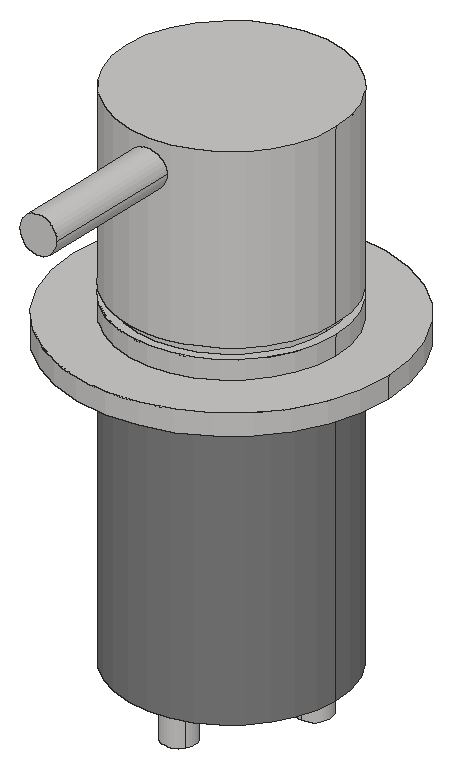
Revit family "2500", category Generic Models, Revit 2021
Family settings
  Can host rebar = No
  Round Connector Dimension = Use Diameter
  Part Type = Normal
  Work Plane-Based = No
  Always vertical = Yes
  Cut with Voids When Loaded = No
  Shared = No
  Room Calculation Point = No
Parameters (values of type "Standard")
  e-mail = "info@vola.com"
  URL = "http://vola.com"
  Telephone = "+45 7023 5500"
  Quality management standard = "ISO 9001"
  Organisation no. / DUNS no. = "17531328"
  Occupational health and safety management standard = "ISO 18001"
  Mounting Instructions = "http://vola.com/service/producturl.ashx?name=2500"
  Model = "2500"
  Materials and components information = "http://vola.com/service/producturl.ashx?name=2500"
  Manufacturer = "VOLA A/S"
  Maintenance Instructions = "http://vola.com/service/producturl.ashx?name=2500"
  Guarantee = "2 years"
  Flow = "18,70 l/min"
  Environmental management standard = "ISO 14000"
  Default Elevation = 0.0000 mm
  Connection - All relevant connections = "10mm flexible hose"
  Approvals = "http://vola.com/service/producturl.ashx?name=2500"
Reference planes
  plane 1 "Center (Front/Back)": y = 0
  plane 2: z = 0
  plane 3 "Center (Left/Right)": x = 0
Forms (mm)
  Extrusion 1, solid, material "Stainless Steel"
    sketch origin (0, 0, 0) x (1, 0, 0) y (0, 1, 0)
      loop
        circle (0, 0) r 30
    from 0 to 4
  Extrusion 2, solid, material "Stainless Steel"
    sketch origin (0, 0, 7.5) x (1, 0, 0) y (0, 1, 0)
      loop
        circle (0, 0) r 18.25
    from 0 to 2
  Extrusion 3, solid, material "Stainless Steel"
    sketch origin (0, 0, 9.5) x (1, 0, 0) y (0, 1, 0)
      loop
        circle (0, 0) r 20
    from 0 to 33.5
  Extrusion 4, solid, material "Stainless Steel"
    sketch origin (0, 0, 3.25) x (1, 0, 0) y (0, 0, 1)
      loop
        circle (0, 34.5) r 3.5
    from 0 to 46
  Extrusion 5, solid, material "Default"
    sketch origin (0, 0, 0) x (0, 1, 0) y (1, 0, 0)
      loop
        circle (0, 0) r 20
    from 0 to 55
  Extrusion 6, solid, material "Stainless Steel"
    sketch origin (0, 0, -55) x (0, 1, 0) y (1, 0, 0)
      loop
        circle (6.25, 10.825) r 3
      loop
        circle (6.25, -10.825) r 3
      loop
        circle (-12.5, 0) r 3
    from 0 to 8
  Extrusion 7, solid, material "Stainless Steel"
    sketch origin (0, 0, 4) x (1, 0, 0) y (0, 1, 0)
      loop
        circle (0, 0) r 20
    from 0 to 3.5
Cuts and joins
  joined: Extrusion 3, Extrusion 4
Lines and regions (mm)
  model lines
    curve 1: line (6.05, -19.063, 43) -> (6.05, 19.063, 43)
    curve 2: line (-6.05, -19.063, 43) -> (-6.05, 19.063, 43)
  reference lines
    curve 3: line (-10.825, 6.25, -55) -> (-10.825, 6.25, -80)
    curve 4: line (10.825, 6.25, -55) -> (10.825, 6.25, -80)
Dimensions and locks
  aligned and locked: plane 2 to level
